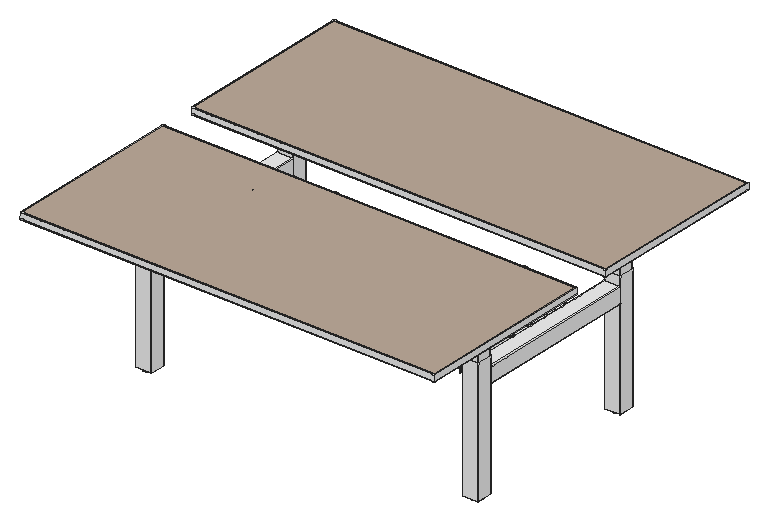
Revit family "T200023", category Furniture, Revit 2022 (continued)
Definition of nested family "OFS RANGE CABLE CARRIER"
  Forms (in)
    Extrusion 1, solid, material <- "Profile Material"
      sketch origin (0, 0, 0) x (0, 1, 0) y (0, 0, 1)
        loop
          arc (-16.75, 38.46905) -> (-16.66025, 38.38387) -> (-16.57988, 38.47795) r 0.08529
          line (-16.57988, 38.47795) -> (-16.59942, 38.79749) -> (-16.65837, 38.79388) -> (-16.63788, 38.45883)
          arc (-16.63788, 38.45883) -> (-16.66298, 38.43067) -> (-16.69094, 38.45599) r 0.02657
          line (-16.69094, 38.45599) -> (-16.69094, 42.16761)
          arc (-16.69094, 42.16761) -> (-16.68076, 42.1803) -> (-16.66616, 42.1731) r 0.013
          line (-16.66616, 42.1731) -> (-16.52333, 41.8668) -> (-16.4698, 41.89175) -> (-16.63086, 42.23713)
          arc (-16.63086, 42.23713) -> (-16.70103, 42.27174) -> (-16.75, 42.21072) r 0.0625
          line (-16.75, 42.21072) -> (-16.75, 38.46905)
      from -26.25 to 26.25
    Extrusion 2, solid, material <- "Profile Material"
      sketch origin (0, -24, 0) x (0, -1, 0) y (0, 0, -1)
        loop
          line (-16.75, -38.46905) -> (-16.75, -42.21072)
          arc (-16.75, -42.21072) -> (-16.70103, -42.27174) -> (-16.63086, -42.23713) r 0.0625
          line (-16.63086, -42.23713) -> (-16.4698, -41.89175) -> (-16.52333, -41.8668) -> (-16.66616, -42.1731)
          arc (-16.66616, -42.1731) -> (-16.68076, -42.1803) -> (-16.69094, -42.16761) r 0.013
          line (-16.69094, -42.16761) -> (-16.69094, -38.45599)
          arc (-16.69094, -38.45599) -> (-16.66298, -38.43067) -> (-16.63788, -38.45883) r 0.02657
          line (-16.63788, -38.45883) -> (-16.65837, -38.79388) -> (-16.59942, -38.79749) -> (-16.57988, -38.47795)
          arc (-16.57988, -38.47795) -> (-16.66025, -38.38387) -> (-16.75, -38.46905) r 0.08529
      from -26.25 to 26.25
    Extrusion 3, solid, material <- "Profile Material"
      sketch origin (0, 0, 0) x (0, 1, 0) y (0, 0, 1)
        loop
          line (-7.70866, 42.18051) -> (-7.70866, 38.47972) -> (-7.57087, 38.47972) -> (-7.57087, 42.17868)
          arc (-7.57087, 42.17868) -> (-7.61176, 42.27741) -> (-7.71049, 42.31831) r 0.13963
          line (-7.71049, 42.31831) -> (-16.28951, 42.31831)
          arc (-16.28951, 42.31831) -> (-16.38824, 42.27741) -> (-16.42914, 42.17868) r 0.13963
          line (-16.42914, 42.17868) -> (-16.42914, 38.47972) -> (-16.29134, 38.47972) -> (-16.29134, 42.18051) -> (-7.70866, 42.18051)
      from -26.25 to 26.25
    Extrusion 4, solid, material <- "Profile Material"
      sketch origin (0, 0, 0) x (0, 1, 0) y (0, 0, 1)
        loop
          line (-13.4498, 42.37736) -> (-10.5502, 42.37736)
          arc (-10.5502, 42.37736) -> (-10.46181, 42.41397) -> (-10.4252, 42.50236) r 0.125
          line (-10.4252, 42.50236) -> (-10.4252, 43)
          arc (-10.4252, 43) -> (-10.46181, 43.08839) -> (-10.5502, 43.125) r 0.125
          line (-10.5502, 43.125) -> (-13.4498, 43.125)
          arc (-13.4498, 43.125) -> (-13.53819, 43.08839) -> (-13.5748, 43) r 0.125
          line (-13.5748, 43) -> (-13.5748, 42.50236)
          arc (-13.5748, 42.50236) -> (-13.53819, 42.41397) -> (-13.4498, 42.37736) r 0.125
        loop
          line (-10.54331, 42.49547) -> (-10.54331, 43.00689) -> (-13.45669, 43.00689) -> (-13.45669, 42.49547) -> (-10.54331, 42.49547)
      from -26.25 to 26.25
    Extrusion 5, solid, material <- "Profile Material"
      sketch origin (0, 0, 0) x (0, 1, 0) y (0, 0, 1)
        loop
          line (-7.55906, 38.43406) -> (-16.44094, 38.43406) -> (-16.44094, 39.19311) -> (-16.5, 39.19311) -> (-16.5, 38.44013)
          arc (-16.5, 38.44013) -> (-16.48092, 38.39408) -> (-16.43487, 38.375) r 0.06513
          line (-16.43487, 38.375) -> (-7.56513, 38.375)
          arc (-7.56513, 38.375) -> (-7.51908, 38.39408) -> (-7.5, 38.44013) r 0.06513
          line (-7.5, 38.44013) -> (-7.5, 39.19311) -> (-7.55906, 39.19311) -> (-7.55906, 38.43406)
      from -26.25 to 26.25
    Extrusion 6, solid, material <- "Profile Material"
      sketch origin (0, 0, 0) x (0, 1, 0) y (0, 0, 1)
        loop
          arc (-16.39444, 42.37736) -> (-16.46073, 42.3499) -> (-16.48819, 42.28361) r 0.09375
          line (-16.48819, 42.28361) -> (-16.48819, 41.85717)
          arc (-16.48819, 41.85717) -> (-16.49961, 41.84294) -> (-16.51596, 41.85101) r 0.01457
          line (-16.51596, 41.85101) -> (-16.63096, 42.09762) -> (-16.68194, 42.07384) -> (-16.54764, 41.78583)
          arc (-16.54764, 41.78583) -> (-16.47784, 41.75141) -> (-16.42914, 41.8121) r 0.06216
          line (-16.42914, 41.8121) -> (-16.42914, 42.28714)
          arc (-16.42914, 42.28714) -> (-16.42001, 42.30918) -> (-16.39796, 42.31831) r 0.03117
          line (-16.39796, 42.31831) -> (-7.60204, 42.31831)
          arc (-7.60204, 42.31831) -> (-7.57999, 42.30918) -> (-7.57087, 42.28714) r 0.03117
          line (-7.57087, 42.28714) -> (-7.57087, 41.8121)
          arc (-7.57087, 41.8121) -> (-7.52216, 41.75141) -> (-7.45236, 41.78583) r 0.06216
          line (-7.45236, 41.78583) -> (-7.31806, 42.07384) -> (-7.36904, 42.09762) -> (-7.48404, 41.85101)
          arc (-7.48404, 41.85101) -> (-7.50039, 41.84294) -> (-7.51181, 41.85717) r 0.01457
          line (-7.51181, 41.85717) -> (-7.51181, 42.28361)
          arc (-7.51181, 42.28361) -> (-7.53927, 42.3499) -> (-7.60556, 42.37736) r 0.09375
          line (-7.60556, 42.37736) -> (-16.39444, 42.37736)
      from -26.25 to 26.25
    Extrusion 7, solid, material <- "Profile Material"
      sketch origin (0, 0, 0) x (0, 1, 0) y (0, 0, 1)
        loop
          line (-9.5, 40.40471) -> (-9.5, 42.18051) -> (-14.5, 42.18051) -> (-14.5, 40.40471)
          arc (-14.5, 40.40471) -> (-14.46305, 40.3155) -> (-14.37384, 40.27854) r 0.12616
          line (-14.37384, 40.27854) -> (-9.62616, 40.27854)
          arc (-9.62616, 40.27854) -> (-9.53695, 40.3155) -> (-9.5, 40.40471) r 0.12616
      from 26 to 26.25
    Extrusion 8, solid, material <- "Profile Material"
      sketch origin (0, 0, 0) x (0, 1, 0) y (0, 0, -1)
        loop
          arc (-9.5, -40.40471) -> (-9.53695, -40.3155) -> (-9.62616, -40.27854) r 0.12616
          line (-9.62616, -40.27854) -> (-14.37384, -40.27854)
          arc (-14.37384, -40.27854) -> (-14.46305, -40.3155) -> (-14.5, -40.40471) r 0.12616
          line (-14.5, -40.40471) -> (-14.5, -42.18051) -> (-9.5, -42.18051) -> (-9.5, -40.40471)
      from 26 to 26.25
  Dimensions and locks (in)
    "Depth": plane 4 "Front" to plane 1 "Back"
    equal spacing: plane 5 "Left", plane 3 "Center Left/Right", plane 6 "Right"
    "Width": plane 5 "Left" to plane 6 "Right"
    "Height from Floor": plane 7 to level
    "Height": plane 8 to plane 7
    equal spacing: plane 4 "Front", plane 9, plane 1 "Back"
    locked: plane 5 "Left" to plane 10 at 0.25
    locked: plane 6 "Right" to plane 11 at 0.25
    aligned and locked: level to plane 2
    aligned and locked: Extrusion 1 to plane 6 "Right"
    aligned and locked: Extrusion 3 to plane 6 "Right"
    aligned and locked: Extrusion 2 to plane 6 "Right"
    aligned and locked: Extrusion 5 to plane 6 "Right"
    aligned and locked: Extrusion 4 to plane 6 "Right"
    aligned and locked: Extrusion 6 to plane 6 "Right"
    aligned and locked: Extrusion 1 to plane 5 "Left"
    aligned and locked: Extrusion 3 to plane 5 "Left"
    aligned and locked: Extrusion 2 to plane 5 "Left"
    aligned and locked: Extrusion 4 to plane 5 "Left"
    aligned and locked: Extrusion 6 to plane 5 "Left"
    aligned and locked: Extrusion 5 to plane 5 "Left"
    aligned and locked: plane 11 to Extrusion 7
    aligned and locked: Extrusion 7 to plane 6 "Right"
    aligned and locked: Extrusion 8 to plane 5 "Left"
    aligned and locked: plane 10 to Extrusion 8
  Automatic sketch dimensions
    Extrusion 1 sketch curve to plane 4 "Front" = 0"
    Extrusion 1 sketch curve to plane 4 "Front" = 0.05906"
    Extrusion 1 sketch curve to Extrusion 1 sketch curve = 0.00344"
    Extrusion 1 sketch curve to Extrusion 1 sketch curve = 0.013"
    Extrusion 1 sketch curve to Extrusion 1 sketch curve = 0.01178"
    Extrusion 1 sketch curve to Extrusion 1 sketch curve = 0.02624"
    Extrusion 1 sketch curve to Extrusion 1 sketch curve = 0.00031"
    Extrusion 1 sketch curve to plane 4 "Front" = 0.09163"
    plane 7 to Extrusion 1 sketch curve = 0.08383"
    Extrusion 1 sketch curve to Extrusion 1 sketch curve = 0.02652"
    Extrusion 1 sketch curve to Extrusion 1 sketch curve = 0.05664"
    Extrusion 1 sketch curve to Extrusion 1 sketch curve = 0.05894"
    plane 7 to Extrusion 1 sketch curve = 0.10295"
    Extrusion 1 sketch curve to Extrusion 1 sketch curve = 0.058"
    Extrusion 1 sketch curve to plane 4 "Front" = 0.22667"
    Extrusion 1 sketch curve to Extrusion 1 sketch curve = 0.05352"
    Extrusion 1 sketch curve to Extrusion 1 sketch curve = 0.01184"
    Extrusion 1 sketch curve to plane 8 = 1.2582"
    Extrusion 1 sketch curve to Extrusion 1 sketch curve = 0.02496"
    Extrusion 2 sketch curve to plane 1 "Back" = 0"
    Extrusion 2 sketch curve to plane 1 "Back" = 0.05906"
    Extrusion 2 sketch curve to Extrusion 2 sketch curve = 0.00344"
    Extrusion 2 sketch curve to Extrusion 2 sketch curve = 0.013"
    Extrusion 2 sketch curve to Extrusion 2 sketch curve = 0.01178"
    Extrusion 2 sketch curve to Extrusion 2 sketch curve = 0.02624"
    Extrusion 2 sketch curve to Extrusion 2 sketch curve = 0.00031"
    Extrusion 2 sketch curve to plane 1 "Back" = 0.09163"
    Extrusion 2 sketch curve to plane 7 = 0.08383"
    Extrusion 2 sketch curve to Extrusion 2 sketch curve = 0.02652"
    Extrusion 2 sketch curve to Extrusion 2 sketch curve = 0.05664"
    Extrusion 2 sketch curve to Extrusion 2 sketch curve = 0.05894"
    Extrusion 2 sketch curve to plane 7 = 0.10295"
    Extrusion 2 sketch curve to Extrusion 2 sketch curve = 0.058"
    Extrusion 2 sketch curve to plane 1 "Back" = 0.22667"
    Extrusion 2 sketch curve to Extrusion 2 sketch curve = 0.05352"
    Extrusion 2 sketch curve to Extrusion 2 sketch curve = 0.01184"
    plane 8 to Extrusion 2 sketch curve = 1.2582"
    Extrusion 2 sketch curve to Extrusion 2 sketch curve = 0.02496"
    Extrusion 3 sketch curve to plane 4 "Front" = 0.32086"
    Extrusion 3 sketch curve to Extrusion 3 sketch curve = 0.1378"  (x2)
    Extrusion 3 sketch curve to Extrusion 3 sketch curve = 0.00183"  (x3)
    plane 1 "Back" to Extrusion 3 sketch curve = 0.46049"
    plane 7 to Extrusion 3 sketch curve = 0.10472"  (x2)
    Extrusion 3 sketch curve to plane 8 = 0.94632"
    Extrusion 4 sketch curve to plane 8 = 0"
    Extrusion 4 sketch curve to plane 9 = 1.5748"
    Extrusion 4 sketch curve to Extrusion 4 sketch curve = 0.11811"  (x2)
    Extrusion 4 sketch curve to Extrusion 4 sketch curve = 0.00689"  (x5)
    plane 9 to Extrusion 4 sketch curve = 1.4498"
    Extrusion 4 sketch curve to Extrusion 4 sketch curve = 0"
    Extrusion 4 sketch curve to Extrusion 4 sketch curve = 0.49764"
    Extrusion 5 sketch curve to plane 7 = 0"
    plane 7 to Extrusion 5 sketch curve = 0.06513"  (x2)
    Extrusion 5 sketch curve to plane 4 "Front" = 1/4"
    Extrusion 5 sketch curve to Extrusion 5 sketch curve = 0.05906"  (x2)
    plane 1 "Back" to Extrusion 5 sketch curve = 0.31513"
    Extrusion 5 sketch curve to Extrusion 5 sketch curve = 0.00607"
    Extrusion 5 sketch curve to Extrusion 5 sketch curve = 0.75298"  (x2)
    Extrusion 6 sketch curve to plane 4 "Front" = 0.06806"
    Extrusion 6 sketch curve to Extrusion 6 sketch curve = 0.05098"  (x2)
    Extrusion 6 sketch curve to plane 4 "Front" = 0.20236"
    Extrusion 6 sketch curve to Extrusion 6 sketch curve = 0.03168"
    Extrusion 6 sketch curve to Extrusion 6 sketch curve = 0.0132"  (x2)
    Extrusion 6 sketch curve to Extrusion 6 sketch curve = 0.02466"
    Extrusion 6 sketch curve to Extrusion 6 sketch curve = 0.01457"  (x2)
    Extrusion 6 sketch curve to Extrusion 6 sketch curve = 0.06216"
    Extrusion 6 sketch curve to Extrusion 6 sketch curve = 0.03117"  (x2)
    Extrusion 6 sketch curve to Extrusion 6 sketch curve = 0.00352"  (x3)
    plane 1 "Back" to Extrusion 6 sketch curve = 0.35556"
    Extrusion 6 sketch curve to Extrusion 6 sketch curve = 0.05906"
    Extrusion 6 sketch curve to Extrusion 6 sketch curve = 0.00311"
    Extrusion 6 sketch curve to Extrusion 6 sketch curve = 0.05634"
    plane 1 "Back" to Extrusion 6 sketch curve = 0.11904"
    Extrusion 6 sketch curve to plane 8 = 1.33917"  (x2)
    Extrusion 6 sketch curve to Extrusion 6 sketch curve = 0.03891"  (x2)
    Extrusion 6 sketch curve to Extrusion 6 sketch curve = 0.186"
    Extrusion 7 sketch curve to plane 4 "Front" = 2 1/4"
    Extrusion 7 sketch curve to Extrusion 7 sketch curve = 0.12616"  (x2)
    plane 9 to Extrusion 7 sketch curve = 2.37384"
    plane 7 to Extrusion 7 sketch curve = 1.90354"
    Extrusion 7 sketch curve to plane 8 = 0.94449"
    Extrusion 8 sketch curve to plane 4 "Front" = 2 1/4"
    Extrusion 8 sketch curve to Extrusion 8 sketch curve = 0.12616"  (x2)
    plane 9 to Extrusion 8 sketch curve = 2.37384"
    Extrusion 8 sketch curve to plane 8 = 0.94449"
    Extrusion 8 sketch curve to Extrusion 8 sketch curve = 1.77581"
Definition of nested family "OFS RANGE 30D RECTANGULAR TOP"
  Parameters (values of type "30D RECTANGULAR TOP 72W")
    Worksurface Material = none
    Width = 72"
    URL = "http://www.ofs.com/"
    Model = "HB-7230HART"
    Manufacturer = "CAROLINA"
    Height from Floor = 27 7/8"
    Height = 1 3/16"
    Edge Material = none
    Description = "OFS CAROLINA RANGE 30\"D RECTANGULAR TOP, 72\" Width, Use with 72\" Bench Kit"
    Depth = 30"
    Default Elevation = 0"
    Copyright © = "©OFS 2019"
    Catalog = "https://ofs.com/products/open-plan/benching/range"
    Authoring Version = "Autodesk Revit Architecture 2015"
    Assembly Code = "E2020200"
  Types (10): name | Width | Model | Description
    (no name) | 72" | "HB-7230HART" | "OFS CAROLINA RANGE 30\"D RECTANGULAR TOP, 72\" Width, Use with 72\" Bench Kit"
    30D RECTANGULAR TOP 52W | 52" | "HB-5230HART" | "OFS CAROLINA RANGE 30\"D RECTANGULAR TOP, 52\" Width, Use with 54\" Bench Kit"
    30D RECTANGULAR TOP 58W | 58" | "HB-5830HART" | "OFS CAROLINA RANGE 30\"D RECTANGULAR TOP, 58\" Width, Use with 60\" Bench Kit"
    30D RECTANGULAR TOP 64W | 64" | "HB-6430HART" | "OFS CAROLINA RANGE 30\"D RECTANGULAR TOP, 64\" Width, Use with 66\" Bench Kit"
    30D RECTANGULAR TOP 70W | 70" | "HB-7030HART" | "OFS CAROLINA RANGE 30\"D RECTANGULAR TOP, 70\" Width, Use with 72\" Bench Kit"
    30D RECTANGULAR TOP 48W | 48" | "HB-4830HARTS" | "OFS CAROLINA RANGE 30\"D RECTANGULAR TOP, 48\" Width, Use with 54\" Bench Kit when Worksurface Side Modesty is Specified"
    30D RECTANGULAR TOP 54W | 54" | "HB-5430HARTS" | "OFS CAROLINA RANGE 30\"D RECTANGULAR TOP, 54\" Width, Use with 60\" Bench Kit when Worksurface Side Modesty is Specified"
    30D RECTANGULAR TOP 60W | 60" | "HB-6030HARTS" | "OFS CAROLINA RANGE 30\"D RECTANGULAR TOP, 60\" Width, Use with 66\" Bench Kit when Worksurface Side Modesty is Specified"
    30D RECTANGULAR TOP 66W | 66" | "HB-6630HARTS" | "OFS CAROLINA RANGE 30\"D RECTANGULAR TOP, 66\" Width, Use with 72\" Bench Kit when Worksurface Side Modesty is Specified"
    30D RECTANGULAR TOP 72W | 72" | "HB-7230HART" | "OFS CAROLINA RANGE 30\"D RECTANGULAR TOP, 72\" Width, Use with 72\" Bench Kit"
  Reference planes (in)
    plane 1 "Back": y = 0
    plane 2: z = 0
    plane 3 "Center Left/Right": x = 0
    plane 4 "Front": y = -30
    plane 5 "Left": x = -36
    plane 6 "Right": x = 36
    plane 7: z = 27.875
    plane 8: z = 29.0625
    plane 9: y = -0.125
    plane 10: x = -35.875
    plane 11: x = 35.875
    plane 12: y = -29.875
    plane 13: y = -15
  Forms (in)
    Extrusion 1, solid, material <- "Worksurface Material"
      sketch origin (0, 0, 0) x (1, 0, 0) y (0, 1, 0)
        loop
          line (-35.875, -0.125) -> (-35.875, -29.875) -> (35.875, -29.875) -> (35.875, -0.125) -> (-35.875, -0.125)
      from 27.875 to 29.0625
    Sweep 2, solid, material <- "Edge Material"
      path in 3D
        loop
          line (-35.875, -0.125, 29.0625) -> (-35.875, -29.875, 29.0625) -> (35.875, -29.875, 29.0625) -> (35.875, -0.125, 29.0625) -> (-35.875, -0.125, 29.0625)
      profile origin (0, -0.125, 29.0625) x (0, -1, 0) y (0, 0, 1)
        loop
          arc (0, 0) -> (-0.08839, -0.03661) -> (-0.125, -0.125) r 0.125
          line (-0.125, -0.125) -> (-0.125, -1.0625)
          arc (-0.125, -1.0625) -> (-0.08839, -1.15089) -> (0, -1.1875) r 0.125
          line (0, -1.1875) -> (0, 0)
  Lines and regions (in)
    sketch lines
      curve 1: line (35.875, -0.125, 29.0625) -> (-35.875, -0.125, 29.0625)
      curve 2: line (-35.875, -0.125, 29.0625) -> (-35.875, -29.875, 29.0625)
      curve 3: line (-35.875, -29.875, 29.0625) -> (35.875, -29.875, 29.0625)
      curve 4: line (35.875, -29.875, 29.0625) -> (35.875, -0.125, 29.0625)
  Dimensions and locks (in)
    "Depth": plane 4 "Front" to plane 1 "Back"
    equal spacing: plane 5 "Left", plane 3 "Center Left/Right", plane 6 "Right"
    "Width": plane 5 "Left" to plane 6 "Right"
    "Height from Floor": plane 7 to level
    "Height": plane 8 to plane 7
    locked: plane 5 "Left" to plane 10 at 0.125
    locked: plane 11 to plane 6 "Right" at 0.125
    locked: plane 4 "Front" to plane 12 at 0.125
    locked: plane 9 to plane 1 "Back" at 0.125
    equal spacing: plane 4 "Front", plane 13, plane 1 "Back"
    aligned and locked: level to plane 2
    aligned and locked: plane 11 to Extrusion 1 sketch curve
    aligned and locked: plane 9 to Extrusion 1 sketch curve
    aligned and locked: plane 10 to Extrusion 1 sketch curve
    aligned and locked: plane 8 to Extrusion 1
    aligned and locked: Extrusion 1 to plane 7
  Automatic sketch dimensions
    plane 12 to Extrusion 1 sketch curve = 0"
    Sweep 2 sketch curve to profile plane = 0"  (x2)
    Sweep 2 sketch curve to Sweep 2 sketch curve = 15/16"
    Sweep 2 sketch curve to Sweep 2 sketch curve = 1/8"
Definition of nested family "OFS ELEMENT OPEN L DESK LEFT AND RIGHT 84in Width 60in Return"
  Parameters (values of type "ELEMENT OPEN L DESK RIGHT RETURN 84in Width 60in Return")
    Worksurface Material = none
    Width = 84"
    URL = "http://www.ofsbrands.com/"
    Transaction Shelf Material = none
    Table Supp from Lateral = 2 5/8"
    Table Supp from Center = 11 1/8"
    Table Depth = 13 1/2"
    Right Return Desk Option = no
    Right Desk Ovelay [instance] = and(Right Return Desk Option, Desk Overlay Option)  # no
    Return Worksurface Width = 22"
    Paper Organizer Material = none
    Paper Organizer Depth = 12 3/4"
    Paper Organizer Clearance = 4 5/8"
    Paper Organizer Board Thickness = 3/4"
    Model = "EL-T84RL60C"
    Manufacturer = "OFS"
    Left Return Desk Option = yes
    Left Desk Overlay [instance] = and(Left Return Desk Option, Desk Overlay Option)  # yes
    Lateral Board Thickness = 1 3/16"
    Height = 45"
    Standoffs Material = none
    Groomet Material = none
    Desk Overlay Thickness = 1/8"
    Desk Overlay Option [instance] = yes
    Desk Overlay Material = none
    Desk Overlay = 6 1/2"
    Description = "OFS BRANDS OFS ELEMENT OPEN L DESK RIGHT RETURN 84\" Width, 84\"W x 34.3125\"D DESK, 60\"W x 22\"D RETURN With Paper Organizer"
    Desk Depth = 34 5/16"
    Depth = 94 5/16"
    Default Elevation = 0"
    Copyright © = "© 2018 OFS BRANDS"
    Catalog = "http://ofs.com/products/casegoods/reception/element"
    Bottom Board Offset = 0"
    Chassis Material = none
    Base Depth = 30"
    Back Board Thickness = 1 3/16"
    Authoring Version = "Autodesk Revit Architecture 2013"
    Assembly Code = "E2020200"
  Types (3): name | Model | Left Return Desk Option | Left Desk Overlay | Description
    (no name) | "EL-T84RL60C" | yes | yes | "OFS BRANDS OFS ELEMENT OPEN L DESK RIGHT RETURN 84\" Width, 84\"W x 34.3125\"D DESK, 60\"W x 22\"D RETURN With Paper Organizer"
    ELEMENT OPEN L DESK LEFT RETURN 84in Width 60in Return | "EL-T84LL60C" | no | no | "OFS BRANDS OFS ELEMENT OPEN L DESK LEFT RETURN 84\" Width, 84\"W x 34.3125\"D DESK, 60\"W x 22\"D RETURN With Paper Organizer"
    ELEMENT OPEN L DESK RIGHT RETURN 84in Width 60in Return | "EL-T84RL60C" | yes | yes | "OFS BRANDS OFS ELEMENT OPEN L DESK RIGHT RETURN 84\" Width, 84\"W x 34.3125\"D DESK, 60\"W x 22\"D RETURN With Paper Organizer"
  Reference planes (in)
    plane 1 "Center Front/Back": y = 0
    plane 2: z = 0
    plane 3 "Center Left/Right": x = 0
    plane 4 "Back External": y = 17.15625
    plane 5 "Right External": x = 42
    plane 6 "Front External": y = -17.15625
    plane 7 "Left External": x = -42
    plane 8 "Seat Height": z = 29.5
    plane 9 "Height": z = 45
    plane 10: x = 40.8125
    plane 11: x = -40.8125
    plane 12: y = 12.84375
    plane 13: y = 11.65625
    plane 14: y = 3.65625
    plane 15: z = 40.5
    plane 16: z = 28.5
    plane 17: z = 43.875
    plane 18: z = 39.375
    plane 19: z = 0
    plane 20: x = 39.375
    plane 21: x = 2.625
    plane 22: x = 35.5
    plane 23: z = 6.5
    plane 24: z = 34
    plane 25: y = 12.96875
    plane 26: y = -77.15625
    plane 27: x = -20
    plane 28: x = 20
    plane 29: y = -75.96875
    plane 30: x = -37
    plane 31: x = 37
    plane 32: y = -47.15625
    plane 33: x = 6.5
    plane 34: y = -18.34375
    plane 35: y = -75.21875
    plane 36: x = -40.0625
    plane 37: y = -19.09375
    plane 38: x = -28.0625
    plane 39: z = 34.125
    plane 40: z = 39.75
    plane 41: z = 34.875
    plane 42: y = -61.5625
    plane 43: y = -32.75
    plane 44: x = -28.8125
    plane 45: x = 20
    plane 46: x = 37
    plane 47: y = -19.09375
    plane 48: x = 28.0625
    plane 49: y = -61.5625
    plane 50: y = -32.75
    plane 51: x = 28.8125
    plane 52: x = -39.375
    plane 53: x = -2.625
    plane 54: x = -35.5
    plane 55: x = -6.5
  Forms (in)
    Extrusion 1, solid, material <- "Chassis Material", visible <- "Left Return Desk Option"
      sketch origin (0, 0, 0) x (1, 0, 0) y (0, 1, 0)
        loop
          line (42, 12.84375) -> (0, 12.84375) -> (0, 11.65625) -> (40.8125, 11.65625) -> (40.8125, -17.15625) -> (42, -17.15625) -> (42, 12.84375)
      from 0 to 40.5
    Extrusion 2, solid, material <- "Chassis Material", visible <- "Left Return Desk Option"
      sketch origin (0, 0, 6) x (1, 0, 0) y (0, 1, 0)
        loop
          line (0, 11.65625) -> (0, 3.65625) -> (40.8125, 3.65625) -> (40.8125, 11.65625) -> (0, 11.65625)
      from 33.375 to 34.5
    Extrusion 3, solid, material <- "Transaction Shelf Material", visible <- "Left Return Desk Option"
      sketch origin (0, 0, 6) x (1, 0, 0) y (0, 1, 0)
        loop
          line (0, 17.15625) -> (0, 3.65625) -> (42, 3.65625) -> (42, 17.15625) -> (0, 17.15625)
      from 37.875 to 39
    Extrusion 4, solid, material <- "Standoffs Material", visible <- "Left Return Desk Option"
      sketch origin (44.5, 0, 0) x (1, 0, 0) y (0, 1, 0)
        loop
          circle (-41.875, 10.04085) r 0.625
      from 40.5 to 43.875
    Extrusion 5, solid, material <- "Standoffs Material", visible <- "Left Return Desk Option"
      sketch origin (44.5, -4.75, 0) x (1, 0, 0) y (0, 1, 0)
        loop
          circle (-41.875, 10.04085) r 0.625
      from 40.5 to 43.875
    Extrusion 6, solid, material <- "Standoffs Material", visible <- "Left Return Desk Option"
      sketch origin (66.75, 0, 0) x (1, 0, 0) y (0, 1, 0)
        loop
          circle (-27.375, 10.04085) r 0.625
      from 40.5 to 43.875
    Extrusion 7, solid, material <- "Standoffs Material", visible <- "Left Return Desk Option"
      sketch origin (66.75, -4.75, 0) x (1, 0, 0) y (0, 1, 0)
        loop
          circle (-27.375, 10.04085) r 0.625
      from 40.5 to 43.875
    Extrusion 8, solid, material <- "Chassis Material", visible <- "Left Return Desk Option"
      sketch origin (0, 0, 0) x (1, 0, 0) y (0, 1, 0)
        loop
          line (-42, -17.15625) -> (-42, -77.15625) -> (-20, -77.15625) -> (-20, -75.96875) -> (-40.8125, -75.96875) -> (-40.8125, -18.34375) -> (-20, -18.34375) -> (-20, -17.15625) -> (-42, -17.15625)
      from 0 to 40.5
    Extrusion 9, solid, material <- "Worksurface Material", visible <- "Left Return Desk Option"
      sketch origin (14.83926, -32.43958, 0) x (1, 0, 0) y (0, 1, 0)
        loop
          line (-55.65176, 14.09583) -> (-55.65176, -43.52917) -> (-34.83926, -43.52917) -> (-34.83926, 14.09583) -> (-55.65176, 14.09583)
      from 28.5 to 29.5
    Extrusion 10, solid, material <- "Desk Overlay Material", visible <- "Left Desk Overlay"
      sketch origin (0, 0, 0) x (1, 0, 0) y (0, 0, 1)
        loop
          line (35.5, 34) -> (6.5, 34) -> (6.5, 6.5) -> (35.5, 6.5) -> (35.5, 34)
      from -12.96875 to -12.84375
    Extrusion 11, solid, material <- "Chassis Material", visible <- "Left Return Desk Option"
      sketch origin (-18.5848, -3.95032, 0) x (1, 0, 0) y (0, 1, 0)
        loop
          line (19.7723, 15.60657) -> (18.5848, 15.60657) -> (18.5848, 3.95032) -> (19.7723, 3.95032) -> (19.7723, 15.60657)
      from 0 to 28.5
    Extrusion 12, solid, material <- "Paper Organizer Material", visible <- "Left Return Desk Option"
      sketch origin (0, 0, 0) x (1, 0, 0) y (0, 1, 0)
        loop
          line (-28.0625, -19.09375) -> (-28.0625, -18.34375) -> (-40.8125, -18.34375) -> (-40.8125, -75.96875) -> (-28.0625, -75.96875) -> (-28.0625, -75.21875) -> (-40.0625, -75.21875) -> (-40.0625, -19.09375) -> (-28.0625, -19.09375)
      from 34.125 to 40.5
    Extrusion 13, solid, material <- "Paper Organizer Material", visible <- "Left Return Desk Option"
      sketch origin (0, 0, 0) x (1, 0, 0) y (0, 1, 0)
        loop
          line (-40.8125, -18.34375) -> (-40.8125, -75.96875) -> (-28.0625, -75.96875) -> (-28.0625, -18.34375) -> (-40.8125, -18.34375)
      from 39.75 to 40.5
    Extrusion 14, solid, material <- "Paper Organizer Material", visible <- "Left Return Desk Option"
      sketch origin (0, 0, 0) x (1, 0, 0) y (0, 1, 0)
        loop
          line (-40.8125, -18.34375) -> (-40.8125, -75.96875) -> (-28.0625, -75.96875) -> (-28.0625, -18.34375) -> (-40.8125, -18.34375)
      from 34.125 to 34.875
    Extrusion 15, solid, material <- "Paper Organizer Material", visible <- "Left Return Desk Option"
      sketch origin (0, 0, 0) x (1, 0, 0) y (0, 1, 0)
        loop
          line (-40.0625, -32.625) -> (-40.0625, -32.875) -> (-28.8125, -32.875) -> (-28.8125, -32.625) -> (-40.0625, -32.625)
      from 34.875 to 39.75
    Extrusion 16, solid, material <- "Paper Organizer Material", visible <- "Left Return Desk Option"
      sketch origin (0, -11.40625, 0) x (1, 0, 0) y (0, 1, 0)
        loop
          line (-40.0625, -35.625) -> (-40.0625, -35.875) -> (-28.8125, -35.875) -> (-28.8125, -35.625) -> (-40.0625, -35.625)
      from 34.875 to 39.75
    Extrusion 17, solid, material <- "Paper Organizer Material", visible <- "Left Return Desk Option"
      sketch origin (0, -22.8125, 0) x (1, 0, 0) y (0, 1, 0)
        loop
          line (-40.0625, -38.625) -> (-40.0625, -38.875) -> (-28.8125, -38.875) -> (-28.8125, -38.625) -> (-40.0625, -38.625)
      from 34.875 to 39.75
    Extrusion 18, solid, material <- "Chassis Material", visible <- "Right Return Desk Option"
      sketch origin (0, 0, 0) x (-1, 0, 0) y (0, -1, 0)
        loop
          line (-42, 17.15625) -> (-20, 17.15625) -> (-20, 18.34375) -> (-40.8125, 18.34375) -> (-40.8125, 75.96875) -> (-20, 75.96875) -> (-20, 77.15625) -> (-42, 77.15625) -> (-42, 17.15625)
      from 0 to 40.5
    Extrusion 19, solid, material <- "Worksurface Material", visible <- "Right Return Desk Option"
      sketch origin (-14.83926, -32.43958, 0) x (-1, 0, 0) y (0, -1, 0)
        loop
          line (-55.65176, -14.09583) -> (-34.83926, -14.09583) -> (-34.83926, 43.52917) -> (-55.65176, 43.52917) -> (-55.65176, -14.09583)
      from 28.5 to 29.5
    Extrusion 20, solid, material <- "Paper Organizer Material", visible <- "Right Return Desk Option"
      sketch origin (0, 0, 0) x (-1, 0, 0) y (0, -1, 0)
        loop
          line (-28.0625, 19.09375) -> (-40.0625, 19.09375) -> (-40.0625, 75.21875) -> (-28.0625, 75.21875) -> (-28.0625, 75.96875) -> (-40.8125, 75.96875) -> (-40.8125, 18.34375) -> (-28.0625, 18.34375) -> (-28.0625, 19.09375)
      from 34.125 to 40.5
    Extrusion 21, solid, material <- "Paper Organizer Material", visible <- "Right Return Desk Option"
      sketch origin (0, 0, 0) x (-1, 0, 0) y (0, -1, 0)
        loop
          line (-40.8125, 18.34375) -> (-28.0625, 18.34375) -> (-28.0625, 75.96875) -> (-40.8125, 75.96875) -> (-40.8125, 18.34375)
      from 39.75 to 40.5
    Extrusion 22, solid, material <- "Paper Organizer Material", visible <- "Right Return Desk Option"
      sketch origin (0, 0, 0) x (-1, 0, 0) y (0, -1, 0)
        loop
          line (-40.8125, 18.34375) -> (-28.0625, 18.34375) -> (-28.0625, 75.96875) -> (-40.8125, 75.96875) -> (-40.8125, 18.34375)
      from 34.125 to 34.875
    Extrusion 23, solid, material <- "Paper Organizer Material", visible <- "Right Return Desk Option"
      sketch origin (0, 0, 0) x (-1, 0, 0) y (0, -1, 0)
        loop
          line (-40.0625, 32.625) -> (-28.8125, 32.625) -> (-28.8125, 32.875) -> (-40.0625, 32.875) -> (-40.0625, 32.625)
      from 34.875 to 39.75
    Extrusion 24, solid, material <- "Paper Organizer Material", visible <- "Right Return Desk Option"
      sketch origin (0, -11.40625, 0) x (-1, 0, 0) y (0, -1, 0)
        loop
          line (-40.0625, 35.625) -> (-28.8125, 35.625) -> (-28.8125, 35.875) -> (-40.0625, 35.875) -> (-40.0625, 35.625)
      from 34.875 to 39.75
    Extrusion 25, solid, material <- "Paper Organizer Material", visible <- "Right Return Desk Option"
      sketch origin (0, -22.8125, 0) x (-1, 0, 0) y (0, -1, 0)
        loop
          line (-40.0625, 38.625) -> (-28.8125, 38.625) -> (-28.8125, 38.875) -> (-40.0625, 38.875) -> (-40.0625, 38.625)
      from 34.875 to 39.75
    Extrusion 26, solid, material <- "Worksurface Material", visible <- "Right Return Desk Option"
      sketch origin (0, 0, 0) x (-1, 0, 0) y (0, -1, 0)
        loop
          line (-36, -11.65625) -> (40.8125, -11.65625) -> (40.8125, 17.15625) -> (-42, 17.15625) -> (-42, -5.65625)
          arc (-42, -5.65625) -> (-40.24264, -9.89889) -> (-36, -11.65625) r 6
      from 28.5 to 29.5
    Extrusion 27, solid, material <- "Chassis Material", visible <- "Right Return Desk Option"
      sketch origin (0, 0, 0) x (-1, 0, 0) y (0, -1, 0)
        loop
          line (42, -12.84375) -> (42, 17.15625) -> (40.8125, 17.15625) -> (40.8125, -11.65625) -> (0, -11.65625) -> (0, -12.84375) -> (42, -12.84375)
      from 0 to 40.5
    Extrusion 28, solid, material <- "Transaction Shelf Material", visible <- "Right Return Desk Option"
      sketch origin (0, 0, 6) x (-1, 0, 0) y (0, -1, 0)
        loop
          line (0, -17.15625) -> (42, -17.15625) -> (42, -3.65625) -> (0, -3.65625) -> (0, -17.15625)
      from 37.875 to 39
    Extrusion 29, solid, material <- "Standoffs Material", visible <- "Right Return Desk Option"
      sketch origin (-44.5, 0, 0) x (-1, 0, 0) y (0, -1, 0)
        loop
          circle (-41.875, -10.04085) r 0.625
      from 40.5 to 43.875
    Extrusion 30, solid, material <- "Standoffs Material", visible <- "Right Return Desk Option"
      sketch origin (-44.5, -4.75, 0) x (-1, 0, 0) y (0, -1, 0)
        loop
          circle (-41.875, -10.04085) r 0.625
      from 40.5 to 43.875
    Extrusion 31, solid, material <- "Standoffs Material", visible <- "Right Return Desk Option"
      sketch origin (-66.75, 0, 0) x (-1, 0, 0) y (0, -1, 0)
        loop
          circle (-27.375, -10.04085) r 0.625
      from 40.5 to 43.875
    Extrusion 32, solid, material <- "Standoffs Material", visible <- "Right Return Desk Option"
      sketch origin (-66.75, -4.75, 0) x (-1, 0, 0) y (0, -1, 0)
        loop
          circle (-27.375, -10.04085) r 0.625
      from 40.5 to 43.875
    Extrusion 33, solid, material <- "Chassis Material", visible <- "Right Return Desk Option"
      sketch origin (18.5848, -3.95032, 0) x (-1, 0, 0) y (0, -1, 0)
        loop
          line (19.7723, -15.60657) -> (19.7723, -3.95032) -> (18.5848, -3.95032) -> (18.5848, -15.60657) -> (19.7723, -15.60657)
      from 0 to 28.5
    Extrusion 34, solid, material <- "Chassis Material", visible <- "Right Return Desk Option"
      sketch origin (0, 0, 6) x (-1, 0, 0) y (0, -1, 0)
        loop
          line (0, -11.65625) -> (40.8125, -11.65625) -> (40.8125, -3.65625) -> (0, -3.65625) -> (0, -11.65625)
      from 33.375 to 34.5
    Extrusion 35, solid, material <- "Desk Overlay Material", visible <- "Right Desk Ovelay"
      sketch origin (0, 0, 0) x (-1, 0, 0) y (0, 0, -1)
        loop
          line (35.5, -34) -> (35.5, -6.5) -> (6.5, -6.5) -> (6.5, -34) -> (35.5, -34)
      from -12.96875 to -12.84375
    Extrusion 36, solid, material <- "Worksurface Material", visible <- "Left Return Desk Option"
      sketch origin (0, 0, 0) x (1, 0, 0) y (0, 1, 0)
        loop
          arc (-36, 11.65625) -> (-40.24264, 9.89889) -> (-42, 5.65625) r 6
          line (-42, 5.65625) -> (-42, -17.15625) -> (40.8125, -17.15625) -> (40.8125, 11.65625) -> (-36, 11.65625)
      from 28.5 to 29.5
  Cuts and joins
    joined: Extrusion 12, Extrusion 13, Extrusion 14
    joined: Extrusion 20, Extrusion 21, Extrusion 22
  Dimensions and locks (in)
    equal spacing: plane 7 "Left External", plane 3 "Center Left/Right", plane 5 "Right External"
    "Width": plane 7 "Left External" to plane 5 "Right External"
    equal spacing: plane 6 "Front External", plane 1 "Center Front/Back", plane 4 "Back External"
    "Desk Depth": plane 4 "Back External" to plane 6 "Front External"
    plane 8 "Seat Height" to level = 29 1/2"
    "Height": plane 9 "Height" to level
    "Lateral Board Thickness": plane 7 "Left External" to plane 11
    "Lateral Board Thickness": plane 10 to plane 5 "Right External"
    "Base Depth": plane 12 to plane 6 "Front External"
    "Back Board Thickness": plane 12 to plane 13
    "Table Depth": plane 4 "Back External" to plane 14
    plane 15 to level = 40 1/2"
    "Bottom Board Offset": plane 19 to level
    "Table Supp from Lateral": plane 5 "Right External" to plane 20
    "Table Supp from Lateral": plane 21 to plane 3 "Center Left/Right"
    "Desk Overlay": plane 5 "Right External" to plane 22
    "Desk Overlay": plane 24 to plane 15
    "Desk Overlay": plane 19 to plane 23
    "Desk Overlay Thickness": plane 25 to plane 12
    "Depth": plane 4 "Back External" to plane 26
    "Return Worksurface Width": plane 7 "Left External" to plane 27
    "Return Worksurface Width": plane 28 to plane 5 "Right External"
    "Back Board Thickness": plane 29 to plane 26
    plane 7 "Left External" to plane 30 = 5"
    plane 31 to plane 5 "Right External" = 5"
    equal spacing: plane 34, plane 43, plane 32, plane 42, plane 29
    "Desk Overlay": plane 33 to plane 3 "Center Left/Right"
    "Back Board Thickness": plane 6 "Front External" to plane 34
    "Paper Organizer Board Thickness": plane 34 to plane 37
    "Paper Organizer Board Thickness": plane 11 to plane 36
    "Paper Organizer Board Thickness": plane 35 to plane 29
    "Paper Organizer Depth": plane 11 to plane 38
    "Paper Organizer Clearance": plane 39 to plane 8 "Seat Height"
    "Paper Organizer Board Thickness": plane 15 to plane 40
    "Paper Organizer Board Thickness": plane 41 to plane 39
    "Paper Organizer Board Thickness": plane 44 to plane 38
    "Return Worksurface Width": plane 5 "Right External" to plane 45
    plane 29 to plane 26 = 1 3/16"
    plane 5 "Right External" to plane 46 = 5"
    plane 34 to plane 50 to plane 32 to plane 49 to plane 29 = 14 13/32", 14 13/32", 14 13/32", 14 13/32"
    "Paper Organizer Board Thickness": plane 34 to plane 47
    plane 35 to plane 29 = 3/4"
    "Paper Organizer Depth": plane 10 to plane 48
    "Paper Organizer Board Thickness": plane 51 to plane 48
    "Table Supp from Lateral": plane 53 to plane 3 "Center Left/Right"
    "Table Supp from Lateral": plane 7 "Left External" to plane 52
    locked: plane 7 "Left External" to plane 54 at 6.5
    aligned and locked: level to plane 2
    aligned and locked: Extrusion 1 sketch curve to plane 12
    aligned and locked: plane 5 "Right External" to Extrusion 1 sketch curve
    aligned and locked: Extrusion 1 sketch curve to plane 13
    aligned and locked: Extrusion 1 to plane 19
    aligned and locked: Extrusion 2 to plane 18
    aligned and locked: plane 10 to Extrusion 2
    aligned and locked: Extrusion 2 to plane 13
    aligned and locked: Extrusion 2 to plane 14
    aligned and locked: Extrusion 3 to plane 14
    aligned and locked: Extrusion 3 to plane 4 "Back External"
    aligned and locked: Extrusion 3 to plane 9 "Height"
    aligned and locked: Extrusion 3 to plane 17
    aligned and locked: plane 5 "Right External" to Extrusion 3
    aligned and locked: Extrusion 8 sketch curve to plane 29
    aligned and locked: plane 27 to Extrusion 8 sketch curve
    aligned and locked: plane 26 to Extrusion 8 sketch curve
    aligned and locked: Extrusion 8 sketch curve to plane 6 "Front External"
    aligned and locked: plane 11 to Extrusion 9
    aligned and locked: Extrusion 9 to plane 27
    aligned and locked: Extrusion 9 to plane 29
    aligned and locked: Extrusion 8 to plane 19
    aligned and locked: plane 15 to Extrusion 8
    aligned and locked: Extrusion 3 to plane 3 "Center Left/Right"
    aligned and locked: Extrusion 2 to plane 3 "Center Left/Right"
    aligned and locked: Extrusion 10 to plane 33
    aligned and locked: Extrusion 10 to plane 22
    aligned and locked: Extrusion 8 sketch curve to plane 34
    aligned and locked: Extrusion 9 to Extrusion 8 sketch curve
    aligned and locked: Extrusion 9 to Extrusion 8
    aligned and locked: plane 37 to Extrusion 12 sketch curve
    aligned and locked: plane 36 to Extrusion 12 sketch curve
    aligned and locked: Extrusion 12 sketch curve to plane 35
    aligned and locked: Extrusion 12 sketch curve to Extrusion 8  (x3)
    aligned and locked: plane 38 to Extrusion 12 sketch curve  (x2)
    aligned and locked: plane 15 to Extrusion 12
    aligned and locked: Extrusion 12 to plane 39
    aligned and locked: Extrusion 13 sketch curve to Extrusion 8  (x2)
    aligned and locked: Extrusion 13 sketch curve to Extrusion 12  (x2)
    aligned and locked: Extrusion 13 to plane 40
    aligned and locked: plane 15 to Extrusion 13
    aligned and locked: Extrusion 14 sketch curve to Extrusion 8  (x2)
    aligned and locked: plane 29 to Extrusion 14 sketch curve
    aligned and locked: Extrusion 14 sketch curve to plane 38
    aligned and locked: Extrusion 14 to plane 39
    aligned and locked: plane 41 to Extrusion 14
    aligned and locked: Extrusion 15 to plane 41
    aligned and locked: Extrusion 16 to plane 41
    aligned and locked: Extrusion 17 to plane 41
    aligned and locked: plane 40 to Extrusion 15
    aligned and locked: plane 40 to Extrusion 16
    aligned and locked: plane 40 to Extrusion 17
    aligned and locked: plane 29 to Extrusion 18 sketch curve
    aligned and locked: plane 45 to Extrusion 18 sketch curve
    aligned and locked: Extrusion 18 sketch curve to plane 26
    aligned and locked: plane 45 to Extrusion 19
    aligned and locked: plane 29 to Extrusion 19
    aligned and locked: Extrusion 18 sketch curve to plane 34
    aligned and locked: Extrusion 19 to Extrusion 18 sketch curve
    aligned and locked: Extrusion 18 to Extrusion 19
    aligned and locked: Extrusion 20 sketch curve to plane 47
    aligned and locked: plane 35 to Extrusion 20 sketch curve
    aligned and locked: Extrusion 18 to Extrusion 20 sketch curve
    aligned and locked: Extrusion 20 sketch curve to Extrusion 18  (x2)
    aligned and locked: Extrusion 20 sketch curve to plane 48
    aligned and locked: plane 48 to Extrusion 20 sketch curve
    aligned and locked: Extrusion 21 sketch curve to Extrusion 18  (x2)
    aligned and locked: Extrusion 21 sketch curve to Extrusion 20  (x2)
    aligned and locked: Extrusion 22 sketch curve to Extrusion 18  (x2)
    aligned and locked: Extrusion 22 sketch curve to plane 29
    aligned and locked: plane 48 to Extrusion 22 sketch curve
    aligned and locked: Extrusion 26 to Extrusion 27 sketch curve
    aligned and locked: Extrusion 27 sketch curve to Extrusion 26
    aligned and locked: Extrusion 26 to Extrusion 33
    aligned and locked: plane 55 to Extrusion 35
    aligned and locked: plane 54 to Extrusion 35
  Automatic sketch dimensions
    Extrusion 1 sketch curve to plane 3 "Center Left/Right" = 0"
    plane 6 "Front External" to Extrusion 1 sketch curve = 0"
    Extrusion 1 sketch curve to plane 10 = 0"
    Extrusion 2 sketch curve to plane 3 "Center Left/Right" = 0"
    Extrusion 2 sketch curve to plane 10 = 0"
    Extrusion 2 sketch curve to plane 14 = 0"
    Extrusion 2 sketch curve to plane 13 = 0"
    Extrusion 3 sketch curve to plane 3 "Center Left/Right" = 0"
    Extrusion 3 sketch curve to plane 5 "Right External" = 0"
    Extrusion 3 sketch curve to plane 14 = 0"
    Extrusion 3 sketch curve to plane 4 "Back External" = 0"
    Extrusion 4 sketch curve to plane 21 = 0"
    Extrusion 4 sketch curve to plane 13 = 1.6154"
    Extrusion 5 sketch curve to plane 21 = 0"
    plane 14 to Extrusion 5 sketch curve = 1.6346"
    Extrusion 6 sketch curve to plane 20 = 0"
    Extrusion 6 sketch curve to plane 13 = 1.6154"
    Extrusion 7 sketch curve to plane 20 = 0"
    plane 14 to Extrusion 7 sketch curve = 1.6346"
    Extrusion 8 sketch curve to plane 7 "Left External" = 0"
    Extrusion 8 sketch curve to plane 11 = 0"
    Extrusion 9 sketch curve to plane 11 = 0"
    Extrusion 9 sketch curve to plane 27 = 0"
    Extrusion 9 sketch curve to plane 29 = 0"
    Extrusion 9 sketch curve to plane 34 = 0"
    Extrusion 10 sketch curve to plane 24 = 0"
    Extrusion 10 sketch curve to plane 33 = 0"
    plane 22 to Extrusion 10 sketch curve = 0"
    Extrusion 10 sketch curve to plane 23 = 0"
    Extrusion 11 sketch curve to plane 3 "Center Left/Right" = 0"
    plane 1 "Center Front/Back" to Extrusion 11 sketch curve = 0"
    Extrusion 11 sketch curve to plane 13 = 0"
    Extrusion 11 sketch curve to Extrusion 11 sketch curve = 1 3/16"
    Extrusion 12 sketch curve to plane 37 = 0"
    Extrusion 15 sketch curve to plane 36 = 0"
    Extrusion 15 sketch curve to plane 44 = 0"
    Extrusion 15 sketch curve to plane 43 = 1/8"
    plane 43 to Extrusion 15 sketch curve = 1/8"
    Extrusion 16 sketch curve to plane 36 = 0"
    Extrusion 16 sketch curve to plane 44 = 0"
    Extrusion 16 sketch curve to plane 32 = 1/8"
    plane 32 to Extrusion 16 sketch curve = 1/8"
    Extrusion 17 sketch curve to plane 36 = 0"
    Extrusion 17 sketch curve to plane 44 = 0"
    Extrusion 17 sketch curve to plane 42 = 1/8"
    plane 42 to Extrusion 17 sketch curve = 1/8"
    Extrusion 18 sketch curve to plane 5 "Right External" = 0"
    Extrusion 18 sketch curve to plane 10 = 0"
    Extrusion 18 sketch curve to plane 6 "Front External" = 0"
    Extrusion 19 sketch curve to plane 10 = 0"
    Extrusion 19 sketch curve to plane 28 = 0"
    Extrusion 19 sketch curve to plane 29 = 0"
    plane 34 to Extrusion 19 sketch curve = 0"
    plane 37 to Extrusion 20 sketch curve = 0"
    plane 20 to Extrusion 20 sketch curve = 11/16"
    Extrusion 23 sketch curve to plane 51 = 0"
    plane 43 to Extrusion 23 sketch curve = 1/8"
    Extrusion 23 sketch curve to plane 43 = 1/8"
    plane 20 to Extrusion 23 sketch curve = 11/16"
    Extrusion 24 sketch curve to plane 51 = 0"
    plane 32 to Extrusion 24 sketch curve = 1/8"
    Extrusion 24 sketch curve to plane 32 = 1/8"
    plane 20 to Extrusion 24 sketch curve = 11/16"
    Extrusion 25 sketch curve to plane 51 = 0"
    plane 42 to Extrusion 25 sketch curve = 1/8"
    Extrusion 25 sketch curve to plane 42 = 1/8"
    plane 20 to Extrusion 25 sketch curve = 11/16"
    Extrusion 26 sketch curve to plane 5 "Right External" = 0"
    Extrusion 26 sketch curve to plane 13 = 0"
    Extrusion 26 sketch curve to plane 11 = 0"
    Extrusion 26 sketch curve to plane 6 "Front External" = 0"
    plane 22 to Extrusion 26 sketch curve = 1/2"
    Extrusion 27 sketch curve to plane 3 "Center Left/Right" = 0"
    Extrusion 27 sketch curve to plane 7 "Left External" = 0"
    Extrusion 27 sketch curve to plane 13 = 0"
    Extrusion 27 sketch curve to plane 12 = 0"
    Extrusion 28 sketch curve to plane 3 "Center Left/Right" = 0"
    Extrusion 28 sketch curve to plane 7 "Left External" = 0"
    Extrusion 28 sketch curve to plane 4 "Back External" = 0"
    Extrusion 28 sketch curve to plane 14 = 0"
    Extrusion 29 sketch curve to plane 53 = 0"
    plane 13 to Extrusion 29 sketch curve = 1.6154"
    Extrusion 30 sketch curve to plane 53 = 0"
    Extrusion 30 sketch curve to plane 14 = 1.6346"
    Extrusion 31 sketch curve to plane 52 = 0"
    plane 13 to Extrusion 31 sketch curve = 1.6154"
    Extrusion 32 sketch curve to plane 52 = 0"
    Extrusion 32 sketch curve to plane 14 = 1.6346"
    Extrusion 33 sketch curve to plane 3 "Center Left/Right" = 0"
    plane 1 "Center Front/Back" to Extrusion 33 sketch curve = 0"
    Extrusion 33 sketch curve to plane 13 = 0"
    Extrusion 33 sketch curve to Extrusion 33 sketch curve = 1 3/16"
    Extrusion 34 sketch curve to plane 3 "Center Left/Right" = 0"
    Extrusion 34 sketch curve to plane 11 = 0"
    Extrusion 34 sketch curve to plane 13 = 0"
    Extrusion 34 sketch curve to plane 14 = 0"
    Extrusion 35 sketch curve to plane 24 = 0"
    plane 55 to Extrusion 35 sketch curve = 0"
    Extrusion 35 sketch curve to plane 23 = 0"
    plane 54 to Extrusion 35 sketch curve = 0"
    Extrusion 36 sketch curve to plane 7 "Left External" = 0"
    Extrusion 36 sketch curve to plane 13 = 0"
    Extrusion 36 sketch curve to plane 10 = 0"
    plane 6 "Front External" to Extrusion 36 sketch curve = 0"
    Extrusion 36 sketch curve to plane 54 = 1/2"
    radius of Extrusion 4 sketch curve = 5/8"
    radius of Extrusion 5 sketch curve = 5/8"
    radius of Extrusion 6 sketch curve = 5/8"
    radius of Extrusion 7 sketch curve = 5/8"
    radius of Extrusion 29 sketch curve = 5/8"
    radius of Extrusion 30 sketch curve = 5/8"
    radius of Extrusion 31 sketch curve = 5/8"
    radius of Extrusion 32 sketch curve = 5/8"
Types (3): name | Description
  (no name) | "OFS TYPICAL T2000023"
  T200 | "OFS TYPICAL T200"
  T200023 | "OFS TYPICAL T2000023"
